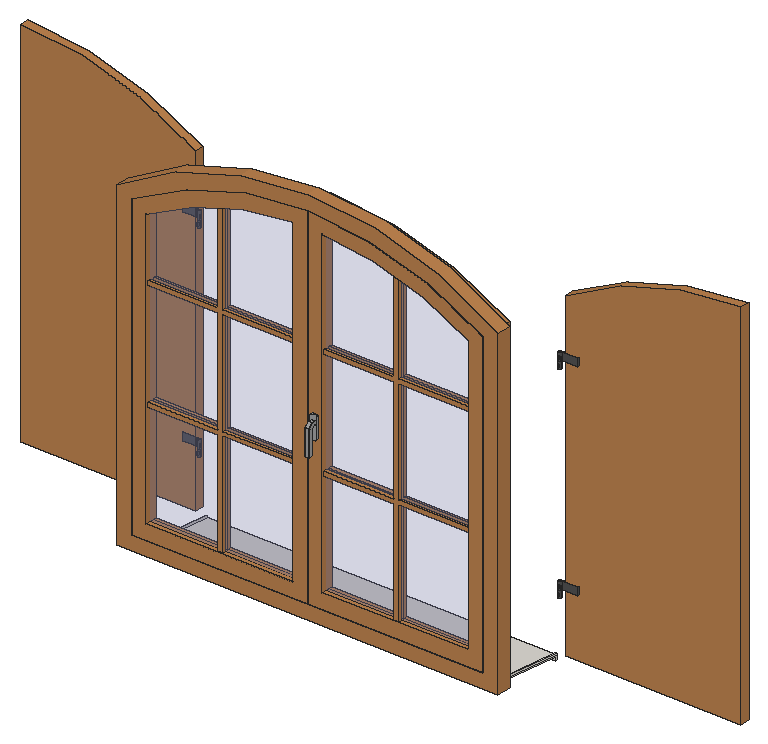
Revit family
Parameters (values of type "1.20m x 1.25m")
  Volets bois [instance] = yes
  Volets = Volets - Bois
  Petits bois [instance] = yes
  Operation = "DoublePanneauVertical"
  H. App = if(Appui Alu, 15 mm, 80 mm)  # 15 mm
  Vitrage = Fenêtre - Vitrage
  Tapées = Fenêtre - Cadre
  Poignée = Fenêtre - Poignée
  Height = 1075 mm
  Wall Closure = 3
  Width = 1200 mm
  Fenêtre = Fenêtre - Cadre
  Flèche = 175 mm
  Ep. Isolant = 100 mm
  Encadrement Int = Fenêtre - Cadre
  Encadrement intérieur [instance] = no
  Elév. Poignée = 1400 mm
  Assembly Code = ""
  Barres et contreventements = Fenêtre - Cadre
  Barres et contreventements [instance] = yes
  Appui = Fenêtre - Appui
  Appui Alu = yes
  A. App. = if(Appui Alu, 96.00°, 90.00°)  # 96.00°
  A = if(Appui Alu, 0 mm, 35 mm)  # 0 mm
  Petits bois 2x2 / 2x3 [instance] = yes
Reference planes
  plane 1: y = 0
  plane 2 "Centre (gauche/droite)": x = 0
  plane 3 "Gauche": x = -600
  plane 4 "Droite": x = 600
  plane 5 "Appui": z = 800
  plane 6 "Tête": z = 1875
  plane 7 "Extérieur": y = 150
  plane 8 "Intérieur": y = -150
  plane 9 "Isolant": y = -50
  plane 10 "ArOuv": y = -110
  plane 11: x = -650
  plane 12: y = -500
  plane 13: y = 500
  plane 14 "GlazingCenterline": y = -130
  plane 15: z = 1400
  plane 16: z = 1337.5
  plane 17: x = -300
  plane 18: x = 300
Forms (mm)
  Extrusion 1, void
    sketch origin (-600, 0, 0) x (0, -1, 0) y (0, 0, 1)
      loop
        line (70, 785) -> (70, 800) -> (500, 800) -> (500, 1875) -> (-500, 1875) -> (-500, 725.091) -> (70, 785)
    from -1200 to 0
  Sweep 2, void
    path origin (0, -150, 0) x (1, 0, 0) y (0, 0, 1)
      loop
        line (-600, 800) -> (-600, 1875)
        arc (-600, 1875) -> (0, 2050) -> (600, 1875) r 1116.071
        line (600, 1875) -> (600, 800)
    profile origin (-600, -150, 1337.5) x (-1, 0, 0) y (0, -1, 0)
      loop
        line (0, 0) -> (0, -100) -> (10, -100) -> (10, -50) -> (50, -50) -> (50, 0) -> (0, 0)
  Sweep 3, solid, material "Fenêtre - Cadre" <- "Fenêtre"
    path origin (0, -150, 0) x (1, 0, 0) y (0, 0, 1)
      loop
        line (-600, 800) -> (-600, 1875)
        arc (-600, 1875) -> (0, 2050) -> (600, 1875) r 1116.071
        line (600, 1875) -> (600, 800)
    profile origin (-600, -150, 1337.5) x (-1, 0, 0) y (0, -1, 0)
      loop
        line (50, 0) -> (0, 0) -> (0, -40) -> (-15, -40) -> (-15, -50) -> (50, -50) -> (50, 0)
  Sweep 4, solid, material "Fenêtre - Cadre" <- "Tapées"
    path origin (0, -150, 0) x (1, 0, 0) y (0, 0, 1)
      loop
        line (-600, 800) -> (-600, 1875)
        arc (-600, 1875) -> (0, 2050) -> (600, 1875) r 1116.071
        line (600, 1875) -> (600, 800)
    profile origin (-600, -150, 1337.5) x (-1, 0, 0) y (0, -1, 0)
      loop
        line (10, -100) -> (10, -50) -> (0, -50) -> (0, -100) -> (10, -100)
  Extrusion 5, solid, material "Fenêtre - Cadre" <- "Fenêtre"
    sketch origin (600, 0, 0) x (0, -1, 0) y (0, 0, 1)
      loop
        line (150, 800) -> (150, 850) -> (110, 850) -> (110, 865) -> (100, 865) -> (100, 839.376) -> (40, 823.299) -> (40, 795) -> (50, 795) -> (50, 800) -> (150, 800)
    from 0 to 1200
  Extrusion 6, void
    sketch origin (0, 500, 2602.334) x (0, 0, -1) y (1, 0, 0)
      loop
        arc (727.334, 600) -> (552.334, 0) -> (727.334, -600) r 1116.071
        line (727.334, -600) -> (747.334, -600) -> (747.334, 600) -> (727.334, 600)
    from 0 to 1000
  Sweep 7, solid, material "Fenêtre - Cadre" <- "Fenêtre"
    path origin (0, -150, 0) x (1, 0, 0) y (0, 0, 1)
      loop
        line (600, 850) -> (600, 1875)
        arc (600, 1875) -> (312.5, 2005.357) -> (0, 2050) r 1116.071
        line (0, 2050) -> (0, 850) -> (600, 850)
    profile origin (600, -150, 1362.5) x (-1, 0, 0) y (0, -1, 0)
      loop
        line (50, 0) -> (0, 0) -> (0, -40) -> (50, -40) -> (50, 0)
  Extrusion 8, solid, material "Fenêtre - Vitrage" <- "Vitrage"
    sketch origin (0, -130, 0) x (-1, 0, 0) y (0, 0, 1)
      loop
        line (-550, 1847.169) -> (-550, 900) -> (-50, 900) -> (-50, 1998.827)
        arc (-50, 1998.827) -> (-309.435, 1954.104) -> (-550, 1847.169) r 1066.071
      loop
        arc (550, 1847.169) -> (309.435, 1954.104) -> (50, 1998.827) r 1066.071
        line (50, 1998.827) -> (50, 900) -> (550, 900) -> (550, 1847.169)
    from -6 to 6
  Sweep 9, solid, material "Fenêtre - Cadre" <- "Encadrement Int", visible <- "Encadrement intérieur", detail levels fine
    path origin (0, -150, 0) x (1, 0, 0) y (0, 0, 1)
      loop
        line (-650, 1902.031) -> (-650, 800) -> (650, 800) -> (650, 1902.031)
        arc (650, 1902.031) -> (0, 2100) -> (-650, 1902.031) r 1166.071
    profile origin (-650, -150, 1351.016) x (0, -1, 0) y (1, 0, 0)
      loop
        line (2, -14) -> (2, 14) -> (1, 15) -> (0, 15) -> (0, -15) -> (1, -15) -> (2, -14)
  Sweep 10, solid, material "Fenêtre - Cadre" <- "Fenêtre"
    path origin (0, -130, 0) x (-1, 0, 0) y (0, 0, 1)
      loop
        line (600, 850) -> (600, 1875)
        arc (600, 1875) -> (312.5, 2005.357) -> (0, 2050) r 1116.071
        line (0, 2050) -> (0, 850) -> (600, 850)
    profile origin (-600, -130, 1362.5) x (1, 0, 0) y (0, 1, 0)
      loop
        line (0, -20) -> (50, -20) -> (50, 20) -> (0, 20) -> (0, -20)
  Extrusion 11, solid, material "Fenêtre - Cadre" <- "Fenêtre", detail levels fine
    sketch origin (0, -110, 0) x (-1, 0, 0) y (0, 0, 1)
      loop
        line (-20, 865) -> (20, 865) -> (20, 2034.818)
        arc (20, 2034.818) -> (0, 2035) -> (-20, 2034.818) r 1101.071
        line (-20, 2034.818) -> (-20, 865)
    from 0 to 8
Cuts and joins
  Extrusion 6 cuts Extrusion 5
  joined: Sweep 3, Extrusion 5
  Extrusion 6 cuts Sweep 4
Lines and regions (mm)
  symbolic lines, style "Sens d'ouverture de l'élévation"
    curve 1: line (600, -130, 1875) -> (0, -130, 1337.5)
    curve 2: line (600, -130, 850) -> (0, -130, 1337.5)
    curve 3: line (-600, -130, 1875) -> (0, -130, 1337.5)
    curve 4: line (-600, -130, 850) -> (0, -130, 1337.5)
Text (mm)
  text "Extérieur" at (-1963.203, 1332.353, 0), in view "Niveau de réf."
  text "Intérieur" at (-1981.466, -818.386, 0), in view "Niveau de réf."
  text "Extérieur" at (0, 923.751, 2943.296), in view "Droite"
  text "Extérieur" at (0, 1040.484, 2685.409), in view "Gauche"
Dimensions and locks
  equal spacing: plane 3 "Gauche", plane 2 "Centre (gauche/droite)", plane 4 "Droite"
  "Width": plane 3 "Gauche" to plane 4 "Droite"
  "Height": plane 5 "Appui" to plane 6 "Tête"
  plane 6 "Tête" to level = 1875 mm
  locked: plane 7 "Extérieur" to host wall at 0
  locked: plane 8 "Intérieur" to host wall
  "Ep. Isolant": plane 9 "Isolant" to plane 8 "Intérieur"
  locked: plane 10 "ArOuv" to plane 8 "Intérieur" at 40
  locked: plane 11 to plane 3 "Gauche" at 50
  locked: Sweep 2 sketch curve to plane 3 "Gauche" at 10
  plane 12 to host wall to plane 13 = 500 mm locked, 500 mm locked
  locked: plane 3 "Gauche" to Sweep 3 sketch curve at 15
  locked: Sweep 3 sketch curve to plane 10 "ArOuv" at 10
  locked: Sweep 2 sketch curve to plane 10 "ArOuv" at 10
  locked: Sweep 4 sketch curve to plane 10 "ArOuv" at 10
  locked: Sweep 4 sketch curve to plane 3 "Gauche" at 10
  locked: plane 5 "Appui" to Extrusion 5 sketch curve at 50
  locked: Extrusion 5 sketch curve to plane 10 "ArOuv" at 10
  "A": Extrusion 5 sketch curve to plane 9 "Isolant"
  locked: Extrusion 5 sketch curve to Extrusion 5 sketch curve at 10
  locked: Extrusion 5 sketch curve to plane 5 "Appui" at 5
  equal spacing: plane 10 "ArOuv", plane 14 "GlazingCenterline", plane 8 "Intérieur"
  "Elév. Poignée": plane 15 to level
  locked: Extrusion 1 sketch curve to plane 9 "Isolant" at 20
  "H. App": Extrusion 1 sketch curve to Extrusion 1 sketch curve
  locked: level to plane 5 "Appui" at 800
  locked: Extrusion 5 sketch curve to Extrusion 5 sketch curve at 15
  "Flèche": Sweep 2 sketch curve to plane 6 "Tête"
  "Flèche": Sweep 3 sketch curve to plane 6 "Tête"
  "Flèche": Sweep 4 sketch curve to plane 6 "Tête"
  "Flèche": Extrusion 6 sketch curve to plane 6 "Tête"
  equal spacing: Sweep 9 sketch curve, profile plane, Sweep 9 sketch curve
  locked: Sweep 9 sketch curve to profile plane at 2
  locked: Sweep 9 sketch curve to profile plane at 15
  equal spacing: plane 6 "Tête", plane 16, plane 5 "Appui"
  locked: plane 6 "Tête" to Extrusion 6 sketch curve at 20
  locked: Sweep 7 sketch curve to plane 4 "Droite" at 50
  locked: plane 2 "Centre (gauche/droite)" to nested 2 at 25
  locked: plane 3 "Gauche" to Sweep 10 sketch curve at 50
  equal spacing: Extrusion 11 sketch curve, plane 2 "Centre (gauche/droite)", Extrusion 11 sketch curve
  locked: Extrusion 11 sketch curve to plane 2 "Centre (gauche/droite)" at 20
  equal spacing: plane 3 "Gauche", plane 17, plane 2 "Centre (gauche/droite)"
  equal spacing: plane 4 "Droite", plane 18, plane 2 "Centre (gauche/droite)"
  "A. App.": angle Extrusion 1 sketch curve to Extrusion 1 sketch curve
  locked: Extrusion 5 sketch curve to plane 10 "ArOuv" (angle 105.00°)
  aligned and locked: Extrusion 1 sketch curve to plane 5 "Appui"
  aligned and locked: Sweep 2 sketch curve to plane 3 "Gauche"
  aligned and locked: Sweep 2 sketch curve to plane 4 "Droite"
  aligned and locked: plane 5 "Appui" to Sweep 2 sketch curve  (x2)
  aligned and locked: Sweep 2 sketch curve to plane 9 "Isolant"
  aligned and locked: plane 11 to Sweep 2 sketch curve
  aligned and locked: plane 3 "Gauche" to Sweep 2 sketch curve
  aligned and locked: Sweep 2 sketch curve to plane 8 "Intérieur"
  aligned and locked: plane 6 "Tête" to Extrusion 1 sketch curve
  aligned and locked: Extrusion 1 to plane 13
  aligned and locked: plane 12 to Extrusion 1 sketch curve
  aligned and locked: plane 13 to Extrusion 1 sketch curve
  aligned and locked: Extrusion 1 to plane 4 "Droite"
  aligned and locked: plane 3 "Gauche" to Extrusion 1
  aligned and locked: Sweep 3 sketch curve to plane 3 "Gauche"
  aligned and locked: Sweep 3 sketch curve to plane 4 "Droite"
  aligned and locked: Sweep 3 sketch curve to profile plane
  aligned and locked: plane 11 to Sweep 3 sketch curve
  aligned and locked: plane 3 "Gauche" to Sweep 3 sketch curve
  aligned and locked: plane 10 "ArOuv" to Sweep 3 sketch curve
  aligned and locked: Sweep 4 sketch curve to plane 3 "Gauche"
  aligned and locked: Sweep 4 sketch curve to plane 4 "Droite"
  aligned and locked: plane 5 "Appui" to Sweep 4 sketch curve  (x2)
  aligned and locked: Sweep 4 sketch curve to plane 9 "Isolant"
  aligned and locked: plane 3 "Gauche" to Sweep 4 sketch curve
  aligned and locked: plane 5 "Appui" to Sweep 3 sketch curve  (x2)
  aligned and locked: plane 10 "ArOuv" to Extrusion 5 sketch curve
  aligned and locked: Extrusion 5 to plane 4 "Droite"
  aligned and locked: plane 3 "Gauche" to Extrusion 5
  aligned and locked: plane 2 "Centre (gauche/droite)" to nested 1
  aligned and locked: plane 5 "Appui" to nested 1
  aligned and locked: Extrusion 5 sketch curve to plane 8 "Intérieur"
  aligned and locked: plane 12 to Extrusion 6
  aligned and locked: Extrusion 6 to plane 13
  aligned and locked: plane 2 "Centre (gauche/droite)" to Sweep 2 sketch curve
  aligned and locked: plane 2 "Centre (gauche/droite)" to Sweep 3 sketch curve
  aligned and locked: plane 2 "Centre (gauche/droite)" to Sweep 4 sketch curve
  aligned and locked: Sweep 7 sketch curve to plane 4 "Droite"  (x2)
  aligned and locked: Sweep 7 sketch curve to cut or joined group of Sweep 3, Extrusion 5, Extrusion 6  (x2)
  aligned and locked: plane 10 "ArOuv" to Sweep 7 sketch curve
  aligned and locked: plane 8 "Intérieur" to Sweep 7 sketch curve
  aligned and locked: plane 2 "Centre (gauche/droite)" to Extrusion 6 sketch curve
  aligned and locked: Sweep 9 sketch curve to cut or joined group of Sweep 3, Extrusion 5, Extrusion 6  (x4)
  aligned and locked: Sweep 9 sketch curve to profile plane
  aligned and locked: nested 2 to plane 15
  aligned and locked: Extrusion 6 sketch curve to plane 3 "Gauche"
  aligned and locked: Extrusion 6 sketch curve to plane 4 "Droite"
  aligned and locked: Sweep 7 sketch curve to plane 2 "Centre (gauche/droite)"
  aligned and locked: Sweep 7 to Extrusion 8 sketch curve
  aligned and locked: Extrusion 8 sketch curve to Sweep 7  (x3)
  aligned and locked: plane 3 "Gauche" to Sweep 10 sketch curve  (x2)
  aligned and locked: Sweep 10 sketch curve to cut or joined group of Sweep 3, Extrusion 5, Extrusion 6  (x2)
  aligned and locked: plane 2 "Centre (gauche/droite)" to Sweep 10 sketch curve
  aligned and locked: plane 10 "ArOuv" to Sweep 10 sketch curve
  aligned and locked: plane 8 "Intérieur" to Sweep 10 sketch curve
  aligned and locked: Sweep 10 to Extrusion 8 sketch curve
  aligned and locked: Extrusion 8 sketch curve to Sweep 10  (x3)
  aligned and locked: cut or joined group of Sweep 3, Extrusion 5, Extrusion 6 to Extrusion 11 sketch curve
  aligned and locked: Extrusion 11 sketch curve to cut or joined group of Sweep 3, Extrusion 5, Extrusion 6
  aligned and locked: plane 4 "Droite" to nested 3
  aligned and locked: plane 3 "Gauche" to nested 4
  aligned and locked: plane 5 "Appui" to nested 3
  aligned and locked: nested 4 to plane 5 "Appui"
  aligned and locked: nested 5 to plane 5 "Appui"
  aligned and locked: plane 17 to nested 5
  aligned and locked: nested 5 to Extrusion 8
  aligned and locked: nested 6 to plane 18
  aligned and locked: nested 6 to Extrusion 8
  aligned and locked: nested 6 to plane 5 "Appui"
  aligned and locked: nested 7 to plane 17
  aligned and locked: nested 7 to Extrusion 8
  aligned and locked: nested 8 to plane 18
  aligned and locked: nested 8 to Extrusion 8
Automatic sketch dimensions
  Extrusion 5 sketch curve to plane 5 "Appui" = 0 mm
  Extrusion 5 sketch curve to Extrusion 5 sketch curve = 25.624 mm
  Sweep 2 sketch curve to plane 6 "Tête" = 0 mm
  Sweep 3 sketch curve to plane 6 "Tête" = 0 mm
  Sweep 4 sketch curve to plane 6 "Tête" = 0 mm
  plane 8 "Intérieur" to Sweep 9 sketch curve = 1 mm  (x2)
  Sweep 9 sketch curve to Sweep 9 sketch curve = 1 mm  (x2)
  Extrusion 6 sketch curve to plane 6 "Tête" = 0 mm
  curve 2 to plane 4 "Droite" = 0 mm
  curve 1 to plane 4 "Droite" = 0 mm
  curve 4 to plane 2 "Centre (gauche/droite)" = 0 mm
  curve 4 to plane 3 "Gauche" = 0 mm
  curve 3 to plane 3 "Gauche" = 0 mm
  curve 4 to plane 16 = 0 mm
  curve 3 to plane 6 "Tête" = 0 mm
  curve 1 to plane 6 "Tête" = 0 mm
  curve 4 to plane 5 "Appui" = 50 mm
  curve 2 to plane 5 "Appui" = 50 mm
Nested families
  nested 1: "Appuis Alu-Béton" at (0, 0, -100), type "Appui Alu-Béton"
    with Width 1200 mm
  nested 2: "Poignée Fenêtre" at (25, 0, -200) x (-1, 0, 0) z (0, 0, 1), type "Poignée Fenêtre", detail levels fine
  nested 3: "Volet" at (720, 0, 0), visible <- "Volets bois", type "Volet"
    with Hauteur de l'appui 800 mm, Height 1075 mm, Width 1200 mm
  nested 4: "Volet" at (-720, 0, 0) x (-1, 0, 0) z (0, 0, 1), visible <- "Volets bois", type "Volet"
    with Hauteur de l'appui 800 mm, Height 1075 mm, Width 1200 mm
  nested 5: "Petits bois" at (-13.078, -136, -271.09), visible <- "Petits bois", type "Petits bois", detail levels medium+fine
    with Height 1075 mm
  nested 6: "Petits bois" at (13.078, -146, -271.09) x (-1, 0, 0) z (0, 0, 1), visible <- "Petits bois", type "Petits bois", detail levels medium+fine
    with Height 1075 mm
  nested 7: "Petits bois" at (-13.078, -124, -271.09), visible <- "Petits bois", type "Petits bois", detail levels medium+fine
    with Height 1075 mm
  nested 8: "Petits bois" at (13.078, -124, -271.09) x (-1, 0, 0) z (0, 0, 1), visible <- "Petits bois", type "Petits bois", detail levels medium+fine
    with Height 1075 mm
Definition of nested family "Appuis Alu-Béton"
  Parameters (values of type "Appui Alu-Béton")
    URL = ""
    Height = 1000 mm
    Hauteur de l'appui par défaut = 900 mm
    Wall Closure = (empty or 0)
    Width = 900 mm
    Finition = Fenêtre - Appui
    EI = 100 mm
    Assembly Code = ""
    Béton = not(Aluminium)  # no
    Aluminium = yes
  Reference planes
    plane 1: y = 0
    plane 2 "Centre (gauche/droite)": x = 0
    plane 3 "Gauche": x = -450
    plane 4 "Droite": x = 450
    plane 5 "Appui": z = 900
    plane 6 "Tête": z = 1900
    plane 7 "Extérieur": y = 150
    plane 8 "Intérieur": y = -150
    plane 9 "Isolant": y = -50
    plane 10: y = -70
    plane 11: y = -20
    plane 12: z = 820
    plane 13: z = 885
  Forms (mm)
    Extrusion 1, solid, material "Fenêtre - Appui" <- "Finition", visible <- "Béton"
      sketch origin (450, 0, 0) x (0, -1, 0) y (0, 0, 1)
        loop
          line (20, 900) -> (20, 885) -> (-165, 865.556) -> (-165, 820) -> (70, 820) -> (70, 900) -> (20, 900)
      from 0 to 900
    Extrusion 2, solid, material "Fenêtre - Appui" <- "Finition", visible <- "Aluminium"
      sketch origin (0, 0, 0) x (0, 1, 0) y (0, 0, 1)
        loop
          line (-65, 889.73) -> (-65, 900) -> (-70, 900) -> (-70, 885) -> (160, 860.826) -> (160, 850.526) -> (165, 850) -> (165, 865.556) -> (-65, 889.73)
      from -450 to 450
    Extrusion 3, solid, material "Fenêtre - Appui" <- "Finition", visible <- "Aluminium", detail levels fine
      sketch origin (450, 0, 0) x (0, -1, 0) y (0, 0, 1)
        loop
          line (65, 889.73) -> (65, 894.757) -> (-161.418, 870.96)
          arc (-161.418, 870.96) -> (-163.973, 869.658) -> (-165, 866.982) r 4
          line (-165, 866.982) -> (-165, 865.556) -> (65, 889.73)
      from 0 to 5
    Extrusion 4, solid, material "Fenêtre - Appui" <- "Finition", visible <- "Aluminium", detail levels fine
      sketch origin (-450, 0, 0) x (0, -1, 0) y (0, 0, 1)
        loop
          line (65, 889.73) -> (65, 894.757) -> (-161.418, 870.96)
          arc (-161.418, 870.96) -> (-163.973, 869.658) -> (-165, 866.982) r 4
          line (-165, 866.982) -> (-165, 865.556) -> (65, 889.73)
      from 0 to -5
  Lines and regions (mm)
    reference lines
      curve 1: line (0, -20, 885) -> (0, 233.603, 858.345)
  Text (mm)
    text "Extérieur" at (-1963.203, 1332.353, 0), in view "Niveau de réf."
    text "Intérieur" at (-1981.466, -818.386, 0), in view "Niveau de réf."
    text "Extérieur" at (0, 923.751, 2943.296), in view "Droite"
    text "Extérieur" at (0, 1040.484, 2685.409), in view "Gauche"
  Dimensions and locks
    equal spacing: plane 3 "Gauche", plane 2 "Centre (gauche/droite)", plane 4 "Droite"
    "Width": plane 3 "Gauche" to plane 4 "Droite"
    "Height": plane 5 "Appui" to plane 6 "Tête"
    "Hauteur de l'appui par défaut": plane 5 "Appui" to level
    locked: plane 7 "Extérieur" to host wall at 0
    locked: plane 8 "Intérieur" to host wall
    "EI": plane 9 "Isolant" to plane 8 "Intérieur"
    locked: plane 7 "Extérieur" to Extrusion 1 sketch curve at 15
    locked: plane 10 to plane 9 "Isolant" at 20
    locked: plane 9 "Isolant" to plane 11 at 30
    locked: plane 12 to plane 5 "Appui" at 80
    locked: plane 13 to plane 5 "Appui" at 15
    locked: Extrusion 2 sketch curve to Extrusion 2 sketch curve at 5
    locked: plane 7 "Extérieur" to Extrusion 2 sketch curve at 15
    locked: plane 10 to Extrusion 2 sketch curve at 5
    locked: Extrusion 3 sketch curve to Extrusion 3 sketch curve at 5
    locked: Extrusion 4 sketch curve to Extrusion 4 sketch curve at 5
    locked: Extrusion 2 sketch curve to curve 1 at 5.226
    locked: curve 1 to plane 13 (angle 6.00°)
    aligned and locked: Extrusion 1 sketch curve to plane 5 "Appui"
    aligned and locked: plane 3 "Gauche" to Extrusion 1
    aligned and locked: Extrusion 1 to plane 4 "Droite"
    aligned and locked: plane 10 to Extrusion 1 sketch curve
    aligned and locked: Extrusion 1 sketch curve to plane 12
    aligned and locked: plane 11 to Extrusion 1 sketch curve
    aligned and locked: Extrusion 1 sketch curve to curve 1
    aligned and locked: plane 13 to Extrusion 1 sketch curve
    aligned and locked: Extrusion 2 sketch curve to curve 1
    aligned and locked: plane 5 "Appui" to Extrusion 2 sketch curve
    aligned and locked: plane 3 "Gauche" to Extrusion 2
    aligned and locked: Extrusion 2 to plane 4 "Droite"
    aligned and locked: Extrusion 2 to Extrusion 3 sketch curve
    aligned and locked: Extrusion 4 sketch curve to Extrusion 2
    aligned and locked: Extrusion 4 sketch curve to curve 1
    aligned and locked: Extrusion 2 to Extrusion 4 sketch curve
    aligned and locked: Extrusion 3 sketch curve to curve 1
    aligned and locked: Extrusion 3 sketch curve to Extrusion 2
    aligned and locked: plane 10 to Extrusion 2 sketch curve
  Automatic sketch dimensions
    curve 1 to plane 11 = 0 mm
    curve 1 to plane 13 = 0 mm
    Extrusion 3 sketch curve to Extrusion 3 sketch curve = 0.418 mm
    Extrusion 3 sketch curve to Extrusion 3 sketch curve = 1.426 mm
    Extrusion 4 sketch curve to Extrusion 4 sketch curve = 0.418 mm
    Extrusion 4 sketch curve to Extrusion 4 sketch curve = 1.426 mm
    Extrusion 2 sketch curve to Extrusion 2 sketch curve = 0.526 mm
    Extrusion 2 sketch curve to Extrusion 2 sketch curve = 10.301 mm
Definition of nested family "Poignée Fenêtre"
  Parameters (values of type "Poignée Fenêtre")
    Poignée = Fenêtre - Poignée
    Height = 1500 mm
    Hauteur de l'appui par défaut = 800 mm
    Wall Closure = (empty or 0)
    Width = 1000 mm
    Elév. Poignée = 1600 mm
    Assembly Code = ""
  Reference planes
    plane 1: y = 0
    plane 2 "Centre (gauche/droite)": x = 0
    plane 3 "Extérieur": y = 75
    plane 4 "Intérieur": y = -75
    plane 5: z = 1600
  Forms (mm)
    Extrusion 1, solid, material "Fenêtre - Poignée" <- "Poignée"
      sketch origin (-5000, 75, 0) x (-1, 0, 0) y (0, 0, 1)
        loop
          line (-5007, 1640) -> (-5012, 1635) -> (-5012, 1565) -> (-5007, 1560) -> (-4993, 1560) -> (-4988, 1565) -> (-4988, 1635) -> (-4993, 1640) -> (-5007, 1640)
      from 0 to 6
    Sweep 2, solid, material "Fenêtre - Poignée" <- "Poignée"
      path origin (0, 0, 0) x (0, 1, 0) y (0, 0, 1)
        loop
          line (81, 1615) -> (91, 1615) -> (101, 1605) -> (101, 1520)
      profile origin (0, 86, 1615) x (0, 0, 1) y (1, 0, 0)
        loop
          line (5.646, -7.034) -> (7.034, -5.646) -> (7.034, 5.646) -> (5.646, 7.034) -> (-5.668, 7.034) -> (-7.034, 5.668) -> (-7.034, -5.668) -> (-5.668, -7.034) -> (5.646, -7.034)
  Text (mm)
    text "Extérieur" at (-1963.203, 1332.353, 0), in view "Niveau de réf."
    text "Intérieur" at (-1981.466, -818.386, 0), in view "Niveau de réf."
    text "Extérieur" at (0, 923.751, 2943.296), in view "Droite"
    text "Extérieur" at (0, 1040.484, 2685.409), in view "Gauche"
  Dimensions and locks
    locked: plane 3 "Extérieur" to host wall at 0
    locked: plane 4 "Intérieur" to host wall
    equal spacing: Extrusion 1 sketch curve, plane 2 "Centre (gauche/droite)", Extrusion 1 sketch curve
    equal spacing: Extrusion 1 sketch curve, plane 5, Extrusion 1 sketch curve
    locked: plane 5 to Extrusion 1 sketch curve at 40
    locked: plane 2 "Centre (gauche/droite)" to Extrusion 1 sketch curve at 12
    "Elév. Poignée": level to plane 5
  Automatic sketch dimensions
    Sweep 2 sketch curve to plane 3 "Extérieur" = 6 mm
    Sweep 2 sketch curve to Sweep 2 sketch curve = 10 mm  (x2)
    Sweep 2 sketch curve to plane 3 "Extérieur" = 26 mm
    Sweep 2 sketch curve to plane 5 = 80 mm
    plane 5 to Sweep 2 sketch curve = 5 mm
    profile plane to Sweep 2 sketch curve = 7.034 mm
    Sweep 2 sketch curve to Sweep 2 sketch curve = 1.366 mm  (x3)
    Sweep 2 sketch curve to profile plane = 5.646 mm  (x2)
    Sweep 2 sketch curve to Sweep 2 sketch curve = 1.388 mm  (x3)
    Sweep 2 sketch curve to plane 2 "Centre (gauche/droite)" = 7.034 mm
    plane 2 "Centre (gauche/droite)" to Sweep 2 sketch curve = 5.646 mm
    plane 2 "Centre (gauche/droite)" to Sweep 2 sketch curve = 5.668 mm
    Extrusion 1 sketch curve to Extrusion 1 sketch curve = 5 mm  (x8)
Definition of nested family "Volet"
  Parameters (values of type "Volet")
    Support Supp = (Height > 1250 mm)  # no
    Hauteur de l'appui [instance] = 800 mm
    Assembly Code = ""
    Barres et contreventements = Fenêtre - Cadre
    Height = 1250 mm
    Wall Closure = (empty or 0)
    Width = 1400 mm
    Volets = Volets - Bois
    Flèche = 175 mm
    Barres et contreventements = yes
  Reference planes
    plane 1: y = 0
    plane 2 "Droite": x = -120
    plane 3 "Appui": z = 800
    plane 4 "Tête": z = 2050
    plane 5 "Extérieur": y = 130
    plane 6 "Intérieur": y = -130
    plane 7: y = -500
    plane 8: y = 500
    plane 9: x = -90
    plane 10: x = 1310
    plane 11 "C1": z = 975
    plane 12 "C2": z = 1850
    plane 13: y = 133
    plane 14: x = -105
    plane 15 "C+": z = 1412.5
    plane 16: z = 775
    plane 17 "ArV": y = 143
    plane 18: z = 1950
    plane 19: x = 610
  Forms (mm)
    Extrusion 1, solid, material "Peinture - Noir", detail levels fine
      sketch origin (0, 0, 975) x (1, 0, 0) y (0, 1, 0)
        loop
          circle (-105, 138) r 5
      from -25 to 0
    Extrusion 2, solid, material "Peinture - Noir", detail levels fine
      sketch origin (0, 0, 975) x (1, 0, 0) y (0, 1, 0)
        loop
          circle (-105, 138) r 2.5
      from 0 to 25
    Extrusion 3, solid, material "Peinture - Noir", detail levels fine
      sketch origin (0, 0, 975) x (1, 0, 0) y (0, 1, 0)
        loop
          line (-45.691, 143) -> (-105, 143)
          arc (-105, 143) -> (-108.536, 134.464) -> (-100, 138) r 5
          line (-100, 138) -> (-102.5, 138)
          arc (-102.5, 138) -> (-106.768, 136.232) -> (-105, 140.5) r 2.5
          line (-105, 140.5) -> (-45.691, 140.5) -> (-45.691, 143)
      from 0 to 25
    Extrusion 4, solid, material "Peinture - Noir", detail levels fine
      sketch origin (0, 0, 975) x (1, 0, 0) y (0, 1, 0)
        loop
          line (-107, 130) -> (-103, 130) -> (-103, 135) -> (-107, 135) -> (-107, 130)
      from -10 to -20
    Extrusion 5, solid, material "Peinture - Noir", detail levels fine
      sketch origin (0, 0, 1850) x (1, 0, 0) y (0, 1, 0)
        loop
          circle (-105, 138) r 5
      from -25 to 0
    Extrusion 6, solid, material "Peinture - Noir", detail levels fine
      sketch origin (0, 0, 1850) x (1, 0, 0) y (0, 1, 0)
        loop
          circle (-105, 138) r 2.5
      from 0 to 25
    Extrusion 7, solid, material "Peinture - Noir", detail levels fine
      sketch origin (0, 0, 1850) x (1, 0, 0) y (0, 1, 0)
        loop
          line (-45.691, 143) -> (-105, 143)
          arc (-105, 143) -> (-108.536, 134.464) -> (-100, 138) r 5
          line (-100, 138) -> (-102.5, 138)
          arc (-102.5, 138) -> (-106.768, 136.232) -> (-105, 140.5) r 2.5
          line (-105, 140.5) -> (-45.691, 140.5) -> (-45.691, 143)
      from 0 to 25
    Extrusion 8, solid, material "Peinture - Noir", visible <- "Support Supp", detail levels fine
      sketch origin (0, 0, 1412.5) x (1, 0, 0) y (0, 1, 0)
        loop
          circle (-105, 138) r 5
      from -25 to 0
    Extrusion 9, solid, material "Peinture - Noir", visible <- "Support Supp", detail levels fine
      sketch origin (0, 0, 1412.5) x (1, 0, 0) y (0, 1, 0)
        loop
          circle (-105, 138) r 2.5
      from 0 to 25
    Extrusion 10, solid, material "Peinture - Noir", visible <- "Support Supp", detail levels fine
      sketch origin (0, 0, 1412.5) x (1, 0, 0) y (0, 1, 0)
        loop
          line (-45.691, 143) -> (-105, 143)
          arc (-105, 143) -> (-108.536, 134.464) -> (-100, 138) r 5
          line (-100, 138) -> (-102.5, 138)
          arc (-102.5, 138) -> (-105, 135.5) -> (-107.5, 138) r 2.5
          arc (-107.5, 138) -> (-106.768, 139.768) -> (-105, 140.5) r 2.5
          line (-105, 140.5) -> (-45.691, 140.5) -> (-45.691, 143)
      from 0 to 25
    Extrusion 11, solid, material "Fenêtre - Cadre" <- "Barres et contreventements", visible <- "Barres et contreventements", detail levels medium+fine
      sketch origin (0, 173, 0) x (-1, 0, 0) y (0, 0, 1)
        loop
          line (50, 1015) -> (-477.154, 1910) -> (-570, 1910) -> (-42.846, 1015) -> (50, 1015)
      from 0 to 25
    Extrusion 12, solid, material "Peinture - Noir", visible <- "Support Supp", detail levels fine
      sketch origin (0, 0, 1412.5) x (1, 0, 0) y (0, 1, 0)
        loop
          line (-107, 133.417) -> (-107, 130) -> (-103, 130) -> (-103, 133.417) -> (-107, 133.417)
      from -10 to -20
    Extrusion 13, solid, material "Peinture - Noir", detail levels fine
      sketch origin (0, 0, 1850) x (1, 0, 0) y (0, 1, 0)
        loop
          line (-107, 133.417) -> (-107, 130) -> (-103, 130) -> (-103, 133.417) -> (-107, 133.417)
      from -10 to -20
    Extrusion 14, solid, material "Volets - Bois" <- "Volets"
      sketch origin (0, 143, 0) x (-1, 0, 0) y (0, 0, 1)
        loop
          line (90, 775) -> (90, 2050)
          arc (90, 2050) -> (-249.228, 2180.587) -> (-610, 2225) r 1487.5
          line (-610, 2225) -> (-610, 775) -> (90, 775)
      from 0 to 30
    Extrusion 15, solid, material "Fenêtre - Cadre" <- "Barres et contreventements", visible <- "Barres et contreventements", detail levels medium+fine
      sketch origin (0, 173, 0) x (-1, 0, 0) y (0, 0, 1)
        loop
          line (-570, 1910) -> (50, 1910) -> (50, 1990) -> (-570, 1990) -> (-570, 1910)
        loop
          line (-570, 935) -> (50, 935) -> (50, 1015) -> (-570, 1015) -> (-570, 935)
      from 0 to 25
  Cuts and joins
    joined: Extrusion 1, Extrusion 4
    joined: Extrusion 5, Extrusion 13
  Text (mm)
    text "Extérieur" at (-1963.203, 1332.353, 0), in view "Niveau de réf."
    text "Intérieur" at (-1981.466, -818.386, 0), in view "Niveau de réf."
    text "Extérieur" at (0, 923.751, 2943.296), in view "Droite"
    text "Extérieur" at (0, 1040.484, 2685.409), in view "Gauche"
  Dimensions and locks
    "Height": plane 3 "Appui" to plane 4 "Tête"
    plane 4 "Tête" to level = 2050 mm
    locked: plane 5 "Extérieur" to host wall at 0
    locked: plane 6 "Intérieur" to host wall
    plane 7 to host wall to plane 8 = 500 mm locked, 500 mm locked
    "Hauteur de l'appui": level to plane 3 "Appui"
    locked: plane 2 "Droite" to plane 9 at 30
    "Width": plane 9 to plane 10
    locked: plane 12 "C2" to plane 4 "Tête" at 200
    locked: plane 16 to plane 11 "C1" at 200
    locked: plane 5 "Extérieur" to plane 13 at 3
    equal spacing: plane 2 "Droite", plane 14, plane 9
    equal spacing: Extrusion 4 sketch curve, plane 14, Extrusion 4 sketch curve
    locked: Extrusion 4 sketch curve to plane 14 at 2
    equal spacing: plane 11 "C1", plane 15 "C+", plane 12 "C2"
    locked: plane 16 to plane 3 "Appui" at 25
    locked: plane 13 to plane 17 "ArV" at 10
    "Flèche": plane 4 "Tête" to Extrusion 14 sketch curve
    locked: Extrusion 15 sketch curve to plane 18 at 40
    locked: Extrusion 15 sketch curve to plane 11 "C1" at 40
    locked: plane 18 to plane 4 "Tête" at 100
    equal spacing: Extrusion 15 sketch curve, plane 11 "C1", Extrusion 15 sketch curve
    equal spacing: Extrusion 15 sketch curve, plane 18, Extrusion 15 sketch curve
    equal spacing: plane 10, plane 19, plane 9
    locked: Extrusion 15 sketch curve to plane 19 at 40
    locked: Extrusion 15 sketch curve to plane 9 at 40
    locked: Extrusion 11 sketch curve to Extrusion 11 sketch curve at 80
    aligned and locked: Extrusion 3 sketch curve to Extrusion 1
    aligned and locked: Extrusion 3 sketch curve to Extrusion 2
    aligned and locked: Extrusion 4 sketch curve to host wall
    aligned and locked: Extrusion 12 sketch curve to cut or joined group of Extrusion 1, Extrusion 4  (x3)
    aligned and locked: Extrusion 14 sketch curve to plane 9
    aligned and locked: Extrusion 14 sketch curve to plane 16
    aligned and locked: Extrusion 15 sketch curve to Extrusion 15 sketch curve  (x2)
    aligned and locked: plane 19 to Extrusion 14 sketch curve
    aligned and locked: Extrusion 14 sketch curve to plane 19
    aligned and locked: Extrusion 11 sketch curve to Extrusion 15  (x2)
  Automatic sketch dimensions
    Extrusion 1 sketch curve to plane 14 = 0 mm
    Extrusion 1 sketch curve to plane 13 = 5 mm
    plane 9 to Extrusion 3 sketch curve = 44.309 mm
    Extrusion 4 sketch curve to plane 13 = 2 mm
    Extrusion 5 sketch curve to plane 14 = 0 mm
    Extrusion 5 sketch curve to plane 13 = 5 mm
    Extrusion 7 sketch curve to plane 13 = 10 mm
    plane 9 to Extrusion 7 sketch curve = 44.309 mm
    Extrusion 7 sketch curve to plane 14 = 0 mm
    Extrusion 7 sketch curve to Extrusion 7 sketch curve = 5 mm
    Extrusion 7 sketch curve to Extrusion 7 sketch curve = 2.5 mm
    Extrusion 7 sketch curve to Extrusion 7 sketch curve = 0 mm
    Extrusion 8 sketch curve to plane 14 = 0 mm
    Extrusion 8 sketch curve to plane 13 = 5 mm
    Extrusion 10 sketch curve to Extrusion 10 sketch curve = 0 mm  (x2)
    Extrusion 10 sketch curve to plane 14 = 0 mm
    Extrusion 10 sketch curve to Extrusion 10 sketch curve = 2.5 mm  (x2)
    Extrusion 10 sketch curve to plane 13 = 7.5 mm
    plane 9 to Extrusion 10 sketch curve = 44.309 mm
    Extrusion 12 sketch curve to plane 13 = 0.417 mm
    Extrusion 13 sketch curve to plane 13 = 0.417 mm
    Extrusion 13 sketch curve to host wall = 0 mm
    Extrusion 13 sketch curve to plane 14 = 2 mm
    plane 14 to Extrusion 13 sketch curve = 2 mm
    Extrusion 14 sketch curve to plane 4 "Tête" = 0 mm
    Extrusion 11 sketch curve to Extrusion 14 = 40 mm  (x2)
    radius of Extrusion 1 sketch curve = 5 mm
    radius of Extrusion 2 sketch curve to Extrusion 1 = 2.5 mm
    radius of Extrusion 5 sketch curve = 5 mm
    radius of Extrusion 6 sketch curve to Extrusion 5 = 2.5 mm
    radius of Extrusion 8 sketch curve = 5 mm
    radius of Extrusion 9 sketch curve to Extrusion 8 = 2.5 mm
Definition of nested family "Petits bois"
  Parameters (values of type "Petits bois")
    Petits bois = Fenêtre - Cadre
    Width = 1200 mm
    Height = 1150 mm
    Flèche = 175 mm
    Assembly Code = ""
    2x3 = yes
    2x2 = not([2x3])  # no
  Reference planes
    plane 1 "Centre (avant/arrière)": y = 0
    plane 2: z = 0
    plane 3 "Centre (gauche/droite)": x = 13.078
    plane 4: x = -586.922
    plane 5: x = 613.078
    plane 6: z = 1071.09
    plane 7: z = 2221.09
    plane 8: x = -536.922
    plane 9: z = 2346.09
    plane 10: z = 1171.09
    plane 11: z = 1956.924
    plane 12: z = 1560.257
    plane 13: z = 1758.59
    plane 14: z = 2353.59
    plane 15: z = 1163.59
    plane 16: z = 2396.09
    plane 17: x = -286.922
    plane 18: x = -36.922
  Forms (mm)
    Extrusion 1, solid, material "Fenêtre - Cadre" <- "Petits bois", visible <- "2x3"
      sketch origin (0, 0, 0) x (1, 0, 0) y (0, 0, 1)
        loop
          line (-536.922, 1949.424) -> (-294.422, 1949.424) -> (-294.422, 1567.757) -> (-536.922, 1567.757) -> (-536.922, 1552.757) -> (-294.422, 1552.757) -> (-294.422, 1171.09) -> (-279.422, 1171.09) -> (-279.422, 1552.757) -> (-36.922, 1552.757) -> (-36.922, 1567.757) -> (-279.422, 1567.757) -> (-279.422, 1949.424) -> (-36.922, 1949.424) -> (-36.922, 1964.424) -> (-279.422, 1964.424) -> (-279.422, 2305.178)
          arc (-279.422, 2305.178) -> (-286.93, 2303.006) -> (-294.422, 2300.779) r 1066.071
          line (-294.422, 2300.779) -> (-294.422, 1964.424) -> (-536.922, 1964.424) -> (-536.922, 1949.424)
      from 0 to 10
    Extrusion 2, solid, material "Fenêtre - Cadre" <- "Petits bois", visible <- "2x2"
      sketch origin (0, 0, 0) x (1, 0, 0) y (0, 0, 1)
        loop
          line (-294.422, 2300.779) -> (-294.422, 1766.09) -> (-536.922, 1766.09) -> (-536.922, 1751.09) -> (-294.422, 1751.09) -> (-294.422, 1171.09) -> (-279.422, 1171.09) -> (-279.422, 1751.09) -> (-36.922, 1751.09) -> (-36.922, 1766.09) -> (-279.422, 1766.09) -> (-279.422, 2305.178)
          arc (-279.422, 2305.178) -> (-286.93, 2303.006) -> (-294.422, 2300.779) r 1066.071
      from 0 to 10
  Lines and regions (mm)
    reference lines
      curve 1: arc (-586.922, 0, 2221.09) -> (13.078, 0, 2396.09) -> (613.078, 0, 2221.09) r 1116.071
      curve 2: arc (13.078, 0, 2346.09) -> (-138.461, 0, 2335.265) -> (-286.922, 0, 2303.009) r 1066.071
  Dimensions and locks
    "Width": plane 4 to plane 5
    equal spacing: plane 4, plane 3 "Centre (gauche/droite)", plane 5
    locked: plane 8 to plane 4 at 50
    locked: plane 10 to plane 6 at 100
    "Height": plane 7 to plane 6
    equal spacing: Extrusion 1 sketch curve, plane 11, Extrusion 1 sketch curve
    locked: Extrusion 1 sketch curve to plane 11 at 7.5
    equal spacing: Extrusion 1 sketch curve, plane 12, Extrusion 1 sketch curve
    locked: Extrusion 1 sketch curve to plane 12 at 7.5
    equal spacing: plane 9, plane 13, plane 10
    equal spacing: Extrusion 2 sketch curve, plane 13, Extrusion 2 sketch curve
    locked: Extrusion 2 sketch curve to plane 13 at 7.5
    locked: plane 10 to plane 15 at 7.5
    equal spacing: plane 14, plane 11, plane 12, plane 15
    locked: plane 14 to plane 9 at 7.5
    locked: plane 16 to plane 9 at 50
    "Flèche": plane 16 to plane 7
    equal spacing: plane 18, plane 17, plane 8
    equal spacing: Extrusion 2 sketch curve, plane 17, Extrusion 2 sketch curve
    locked: Extrusion 2 sketch curve to plane 17 at 7.5
    locked: plane 3 "Centre (gauche/droite)" to plane 18 at 50
    equal spacing: Extrusion 1 sketch curve, plane 17, Extrusion 1 sketch curve
    locked: plane 17 to Extrusion 1 sketch curve at 7.5
    "Flèche": curve 1 to plane 7
    locked: plane 16 to curve 2 at 50
    aligned and locked: Extrusion 1 sketch curve to Extrusion 1 sketch curve  (x8)
    aligned and locked: plane 8 to Extrusion 1 sketch curve
    aligned and locked: plane 10 to Extrusion 1 sketch curve
    aligned and locked: Extrusion 1 sketch curve to plane 8
    aligned and locked: Extrusion 2 sketch curve to Extrusion 2 sketch curve  (x4)
    aligned and locked: Extrusion 2 sketch curve to plane 8
    aligned and locked: Extrusion 2 sketch curve to plane 10
    aligned and locked: plane 18 to Extrusion 2 sketch curve
    aligned and locked: Extrusion 1 sketch curve to plane 18
    aligned and locked: plane 18 to Extrusion 1 sketch curve
    aligned and locked: Extrusion 2 sketch curve to curve 2
    aligned and locked: Extrusion 1 sketch curve to curve 2
  Automatic sketch dimensions
    curve 1 to curve 2 = 0 mm  (x2)
    curve 1 to plane 4 = 0 mm
    curve 2 to plane 3 "Centre (gauche/droite)" = 0 mm
    curve 1 to plane 5 = 0 mm
    curve 1 to plane 7 = 0 mm
    curve 2 to plane 17 = 0 mm
